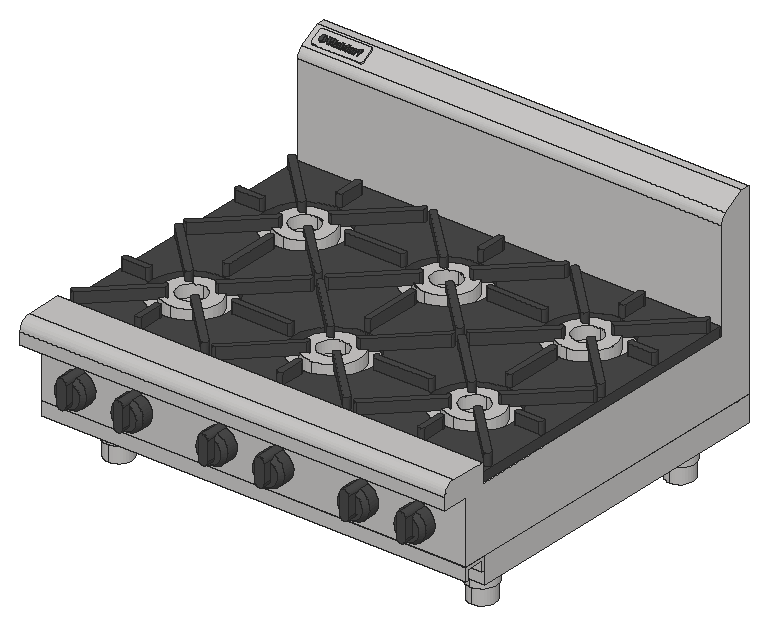
Revit family "QF_MOFFAT WALDORF_RN8600G-B", category Specialty Equipment, Revit 2012
Parameters
  Weight in Pounds = 284.396
  URL Cutsheet = "www.moffat.com"
  URL = "www.moffat.com"
  Type Mark [instance] = ""
  Status [instance] = ""
  Specification by User [instance] = ""
  Specification by Manufacturer = ""
  Show Logo [instance] = yes
  Serial Number = ""
  Seismic Rating = ""
  SMACNA No = ""
  Revision Code [instance] = ""
  Omniclass Number and Title = ""
  NAFEM Spec ID Number = ""
  Model = "RN8600G-B"
  Mechanical Remarks [instance] = ""
  Mechanical Connection Type [instance] = ""
  Masterspec = ""
  Manufacturer = "MOFFAT WALDORF"
  Item Number [instance] = ""
  Installed By [instance] = ""
  Identify Quantity as Lot [instance] = yes
  Gas Size = 3/4"
  Gas RI Height [instance] = 0.0 mm
  Gas KW [instance] = 46.6
  Gas Input [instance] = 159233.0 Btu/h
  Gas Connection Height = 0.0 mm
  Furnished By [instance] = ""
  Foodservice Equipment Identifier [instance] = yes
  Description = "COOK TOP GAS BENCH MOUNT"
  CSI MasterFormat = ""
  CSI Master Format = ""
  Base Height [instance] = 80.0 mm
Reference planes
  plane 1 "BACK": y = 0
  plane 2: z = 0
  plane 3 "LEFT": x = 0
  plane 4 "RIGHT": x = 900
  plane 5 "FRONT": y = -805
  plane 6 "TOP": z = 530
  plane 7 "Center Y": x = 450
  plane 8 "Center X": y = -402.5
  plane 9 "Base Height": z = 80
  plane 10: x = 65.8
Forms (mm)
  Extrusion 1, solid, material "QF_Finishes_Stainless Steel"
    sketch origin (0, 0, 0) x (0, 1, 0) y (0, 0, 1)
      loop
        line (-805, 291) -> (-805, 266) -> (-749, 266) -> (-749, 135) -> (0, 135) -> (0, 530) -> (-16.5, 530) -> (-58.709, 505.631)
        arc (-58.709, 505.631) -> (-66.975, 497.365) -> (-70, 486.074) r 22.582
        line (-70, 486.074) -> (-70, 275) -> (-705, 275) -> (-705, 315) -> (-781, 315)
        arc (-781, 315) -> (-797.971, 307.971) -> (-805, 291) r 24
      loop
        line (0, 80) -> (0, 134.206) -> (-699, 134.206) -> (-699, 80) -> (0, 80)
      loop
        line (-749, 134.206) -> (-749, 107.019) -> (-742.6, 107.019) -> (-742.6, 127.806) -> (-706.4, 127.806) -> (-706.4, 107.019) -> (-700, 107.019) -> (-700, 134.206) -> (-749, 134.206)
    from 0 to 900
  Revolve 2, solid, material "QF_Finishes_Stainless Steel"
    sketch origin (835, -210, 0) x (0, 1, 0) y (0, 0, -1)
      loop
        line (78.25, -80) -> (110, -80) -> (110, 0) -> (82.5, 0) -> (82.5, -35) -> (78.25, -35) -> (78.25, -80)
      axis (110, -80) -> (110, 0)
    angle from 0 to 360
  Revolve 3, solid, material "QF_Finishes_Stainless Steel"
    sketch origin (65, -210, 0) x (0, 1, 0) y (0, 0, 1)
      loop
        line (78.25, 80) -> (78.25, 35) -> (82.5, 35) -> (82.5, 0) -> (110, 0) -> (110, 80) -> (78.25, 80)
      axis (110, 80) -> (110, 0)
    angle from 0 to 360
  Revolve 4, solid, material "QF_Finishes_Black"
    sketch origin (210, 0, 0) x (0, -1, 0) y (0, 0, 1)
      loop
        line (782, 229.605) -> (759, 229.605) -> (759, 202.105) -> (749, 202.105) -> (749, 197.105) -> (793, 197.105) -> (793, 223.757) -> (782, 229.605)
      axis (793, 197.105) -> (749, 197.105)
    angle from 0 to 360
  Extrusion 5, solid, material "QF_Finishes_Black"
    sketch origin (-78.431, 0, -103.997) x (1, 0, 0) y (0, 0, 1)
      loop
        line (298.431, 289) -> (298.431, 327.997)
        arc (298.431, 327.997) -> (288.431, 337.997) -> (278.431, 327.997) r 10
        line (278.431, 327.997) -> (278.431, 289)
        arc (278.431, 289) -> (288.431, 279) -> (298.431, 289) r 10
    from 759 to 808
  Extrusion 6, solid, material "QF_Finishes_Stainless Steel"
    sketch origin (705, 3, -500) x (1, 0, 0) y (0, 1, 0)
      loop
        circle (65, -35) r 13.5
    from 555 to 580
  Revolve 7, solid, material "QF_Finishes_Black"
    sketch origin (89.999, 0, -0.127) x (0, 1, 0) y (0, 0, -1)
      loop
        line (-782, -229.5) -> (-759, -229.5) -> (-759, -202) -> (-749, -202) -> (-749, -197) -> (-793, -197) -> (-793, -223.651) -> (-782, -229.5)
      axis (-793, -197) -> (-749, -197)
    angle from 0 to 360
  Extrusion 8, solid, material "QF_Finishes_Black"
    sketch origin (228.269, 0, 0.031) x (-1, 0, 0) y (0, 0, -1)
      loop
        arc (148.269, -184.969) -> (138.269, -174.969) -> (128.269, -184.969) r 10
        line (128.269, -184.969) -> (128.269, -223.969)
        arc (128.269, -223.969) -> (138.269, -233.969) -> (148.269, -223.969) r 10
        line (148.269, -223.969) -> (148.269, -184.969)
    from 759 to 808
  Extrusion 9, solid, material "QF_Finishes_Black"
    sketch origin (0, -70, 275) x (0, -1, 0) y (1, 0, 0)
      loop
        arc (1, 4) -> (1.879, 1.879) -> (4, 1) r 3
        line (4, 1) -> (631, 1)
        arc (631, 1) -> (633.121, 1.879) -> (634, 4) r 3
        line (634, 4) -> (634, 896)
        arc (634, 896) -> (633.121, 898.121) -> (631, 899) r 3
        line (631, 899) -> (4, 899)
        arc (4, 899) -> (1.879, 898.121) -> (1, 896) r 3
        line (1, 896) -> (1, 4)
      loop
        circle (167.5, 150) r 84.082
      loop
        circle (467.5, 150) r 84.082
      loop
        circle (467.5, 750) r 84.082
      loop
        circle (167.5, 750) r 84.082
      loop
        circle (167.5, 450) r 84.082
      loop
        circle (467.5, 450) r 84.082
    from 0 to 19.5
  Extrusion 10, solid, material "QF_Finishes_Black"
    sketch origin (0, -70, 294.5) x (0, -1, 0) y (1, 0, 0)
      loop
        spline (323.602, 15.153) -> (322.681, 13.924) -> (322.131, 12.47) -> (321.99, 10.89) -> (322.267, 9.292) -> (322.943, 7.786) -> (323.973, 6.473) -> (325.286, 5.443) -> (326.792, 4.767) -> (328.39, 4.49) -> (329.97, 4.631) -> (331.424, 5.181) -> (332.653, 6.102)
        line (332.653, 6.102) -> (440.576, 114.025)
        spline (440.576, 114.025) -> (441.337, 115.095) -> (441.738, 116.399) -> (441.751, 117.851) -> (441.375, 119.35) -> (440.637, 120.795) -> (439.586, 122.086) -> (438.295, 123.137) -> (436.85, 123.875) -> (435.351, 124.251) -> (433.899, 124.238) -> (432.595, 123.837) -> (431.525, 123.076)
        line (431.525, 123.076) -> (323.602, 15.153)
      loop
        spline (259.398, 156.4) -> (258.104, 156.182) -> (256.898, 155.543) -> (255.862, 154.525) -> (255.068, 153.2) -> (254.568, 151.656) -> (254.398, 150) -> (254.568, 148.344) -> (255.068, 146.8) -> (255.862, 145.475) -> (256.898, 144.457) -> (258.104, 143.818) -> (259.398, 143.6)
        line (259.398, 143.6) -> (375.602, 143.6)
        spline (375.602, 143.6) -> (376.896, 143.818) -> (378.102, 144.457) -> (379.138, 145.475) -> (379.932, 146.8) -> (380.432, 148.344) -> (380.602, 150) -> (380.432, 151.656) -> (379.932, 153.2) -> (379.138, 154.525) -> (378.102, 155.543) -> (376.896, 156.182) -> (375.602, 156.4)
        line (375.602, 156.4) -> (259.398, 156.4)
      loop
        spline (608.602, 143.6) -> (609.896, 143.818) -> (611.102, 144.457) -> (612.138, 145.475) -> (612.932, 146.8) -> (613.432, 148.344) -> (613.602, 150) -> (613.432, 151.656) -> (612.932, 153.2) -> (612.138, 154.525) -> (611.102, 155.543) -> (609.896, 156.182) -> (608.602, 156.4)
        line (608.602, 156.4) -> (559.398, 156.4)
        spline (559.398, 156.4) -> (558.104, 156.182) -> (556.898, 155.543) -> (555.862, 154.525) -> (555.068, 153.2) -> (554.568, 151.656) -> (554.398, 150) -> (554.568, 148.344) -> (555.068, 146.8) -> (555.862, 145.475) -> (556.898, 144.457) -> (558.104, 143.818) -> (559.398, 143.6)
        line (559.398, 143.6) -> (608.602, 143.6)
      loop
        line (611.398, 15.153) -> (503.475, 123.076)
        spline (503.475, 123.076) -> (502.405, 123.837) -> (501.101, 124.238) -> (499.649, 124.251) -> (498.15, 123.875) -> (496.705, 123.137) -> (495.414, 122.086) -> (494.363, 120.795) -> (493.625, 119.35) -> (493.249, 117.851) -> (493.262, 116.399) -> (493.663, 115.095) -> (494.424, 114.025)
        line (494.424, 114.025) -> (602.347, 6.102)
        spline (602.347, 6.102) -> (603.416, 5.341) -> (604.721, 4.941) -> (606.172, 4.928) -> (607.671, 5.303) -> (609.116, 6.041) -> (610.408, 7.092) -> (611.459, 8.384) -> (612.197, 9.829) -> (612.572, 11.328) -> (612.559, 12.779) -> (612.159, 14.084) -> (611.398, 15.153)
      loop
        line (473.9, 8.898) -> (473.9, 58.102)
        spline (473.9, 58.102) -> (473.682, 59.396) -> (473.043, 60.602) -> (472.025, 61.638) -> (470.7, 62.432) -> (469.156, 62.932) -> (467.5, 63.102) -> (465.844, 62.932) -> (464.3, 62.432) -> (462.975, 61.638) -> (461.957, 60.602) -> (461.318, 59.396) -> (461.1, 58.102)
        line (461.1, 58.102) -> (461.1, 8.898)
        spline (461.1, 8.898) -> (461.318, 7.604) -> (461.957, 6.398) -> (462.975, 5.362) -> (464.3, 4.568) -> (465.844, 4.068) -> (467.5, 3.898) -> (469.156, 4.068) -> (470.7, 4.568) -> (472.025, 5.362) -> (473.043, 6.398) -> (473.682, 7.604) -> (473.9, 8.898)
      loop
        spline (23.602, 15.153) -> (22.681, 13.924) -> (22.131, 12.47) -> (21.99, 10.89) -> (22.267, 9.292) -> (22.943, 7.786) -> (23.973, 6.473) -> (25.286, 5.443) -> (26.792, 4.767) -> (28.39, 4.49) -> (29.97, 4.631) -> (31.424, 5.181) -> (32.653, 6.102)
        line (32.653, 6.102) -> (140.576, 114.025)
        spline (140.576, 114.025) -> (141.337, 115.095) -> (141.738, 116.399) -> (141.751, 117.851) -> (141.375, 119.35) -> (140.637, 120.795) -> (139.586, 122.086) -> (138.295, 123.137) -> (136.85, 123.875) -> (135.351, 124.251) -> (133.899, 124.238) -> (132.595, 123.837) -> (131.525, 123.076)
        line (131.525, 123.076) -> (23.602, 15.153)
      loop
        spline (26.398, 156.4) -> (25.104, 156.182) -> (23.898, 155.543) -> (22.862, 154.525) -> (22.068, 153.2) -> (21.568, 151.656) -> (21.398, 150) -> (21.568, 148.344) -> (22.068, 146.8) -> (22.862, 145.475) -> (23.898, 144.457) -> (25.104, 143.818) -> (26.398, 143.6)
        line (26.398, 143.6) -> (75.602, 143.6)
        spline (75.602, 143.6) -> (76.896, 143.818) -> (78.102, 144.457) -> (79.138, 145.475) -> (79.932, 146.8) -> (80.432, 148.344) -> (80.602, 150) -> (80.432, 151.656) -> (79.932, 153.2) -> (79.138, 154.525) -> (78.102, 155.543) -> (76.896, 156.182) -> (75.602, 156.4)
        line (75.602, 156.4) -> (26.398, 156.4)
      loop
        line (311.398, 15.153) -> (203.475, 123.076)
        spline (203.475, 123.076) -> (202.405, 123.837) -> (201.101, 124.238) -> (199.649, 124.251) -> (198.15, 123.875) -> (196.705, 123.137) -> (195.414, 122.086) -> (194.363, 120.795) -> (193.625, 119.35) -> (193.249, 117.851) -> (193.262, 116.399) -> (193.663, 115.095) -> (194.424, 114.025)
        line (194.424, 114.025) -> (302.347, 6.102)
        spline (302.347, 6.102) -> (303.416, 5.341) -> (304.721, 4.941) -> (306.172, 4.928) -> (307.671, 5.303) -> (309.116, 6.041) -> (310.408, 7.092) -> (311.459, 8.384) -> (312.197, 9.829) -> (312.572, 11.328) -> (312.559, 12.779) -> (312.159, 14.084) -> (311.398, 15.153)
      loop
        line (173.9, 8.898) -> (173.9, 58.102)
        spline (173.9, 58.102) -> (173.682, 59.396) -> (173.043, 60.602) -> (172.025, 61.638) -> (170.7, 62.432) -> (169.156, 62.932) -> (167.5, 63.102) -> (165.844, 62.932) -> (164.3, 62.432) -> (162.975, 61.638) -> (161.957, 60.602) -> (161.318, 59.396) -> (161.1, 58.102)
        line (161.1, 58.102) -> (161.1, 8.898)
        spline (161.1, 8.898) -> (161.318, 7.604) -> (161.957, 6.398) -> (162.975, 5.362) -> (164.3, 4.568) -> (165.844, 4.068) -> (167.5, 3.898) -> (169.156, 4.068) -> (170.7, 4.568) -> (172.025, 5.362) -> (173.043, 6.398) -> (173.682, 7.604) -> (173.9, 8.898)
      loop
        line (323.602, 284.847) -> (431.525, 176.924)
        spline (431.525, 176.924) -> (432.595, 176.163) -> (433.899, 175.762) -> (435.351, 175.749) -> (436.85, 176.125) -> (438.295, 176.863) -> (439.586, 177.914) -> (440.637, 179.205) -> (441.375, 180.65) -> (441.751, 182.149) -> (441.738, 183.601) -> (441.337, 184.905) -> (440.576, 185.975)
        line (440.576, 185.975) -> (332.653, 293.898)
        spline (332.653, 293.898) -> (331.424, 294.819) -> (329.97, 295.369) -> (328.39, 295.51) -> (326.792, 295.233) -> (325.286, 294.557) -> (323.973, 293.527) -> (322.943, 292.214) -> (322.267, 290.708) -> (321.99, 289.11) -> (322.131, 287.53) -> (322.681, 286.076) -> (323.602, 284.847)
      loop
        spline (611.398, 284.847) -> (612.159, 285.916) -> (612.559, 287.221) -> (612.572, 288.672) -> (612.197, 290.171) -> (611.459, 291.616) -> (610.408, 292.908) -> (609.116, 293.959) -> (607.671, 294.697) -> (606.172, 295.072) -> (604.721, 295.059) -> (603.416, 294.659) -> (602.347, 293.898)
        line (602.347, 293.898) -> (494.424, 185.975)
        spline (494.424, 185.975) -> (493.663, 184.905) -> (493.262, 183.601) -> (493.249, 182.149) -> (493.625, 180.65) -> (494.363, 179.205) -> (495.414, 177.914) -> (496.705, 176.863) -> (498.15, 176.125) -> (499.649, 175.749) -> (501.101, 175.762) -> (502.405, 176.163) -> (503.475, 176.924)
        line (503.475, 176.924) -> (611.398, 284.847)
      loop
        spline (461.1, 241.898) -> (461.318, 240.604) -> (461.957, 239.398) -> (462.975, 238.362) -> (464.3, 237.568) -> (465.844, 237.068) -> (467.5, 236.898) -> (469.156, 237.068) -> (470.7, 237.568) -> (472.025, 238.362) -> (473.043, 239.398) -> (473.682, 240.604) -> (473.9, 241.898)
        line (473.9, 241.898) -> (473.9, 358.102)
        spline (473.9, 358.102) -> (473.682, 359.396) -> (473.043, 360.602) -> (472.025, 361.638) -> (470.7, 362.432) -> (469.156, 362.932) -> (467.5, 363.102) -> (465.844, 362.932) -> (464.3, 362.432) -> (462.975, 361.638) -> (461.957, 360.602) -> (461.318, 359.396) -> (461.1, 358.102)
        line (461.1, 358.102) -> (461.1, 241.898)
      loop
        line (23.602, 284.847) -> (131.525, 176.924)
        spline (131.525, 176.924) -> (132.595, 176.163) -> (133.899, 175.762) -> (135.351, 175.749) -> (136.85, 176.125) -> (138.295, 176.863) -> (139.586, 177.914) -> (140.637, 179.205) -> (141.375, 180.65) -> (141.751, 182.149) -> (141.738, 183.601) -> (141.337, 184.905) -> (140.576, 185.975)
        line (140.576, 185.975) -> (32.653, 293.898)
        spline (32.653, 293.898) -> (31.424, 294.819) -> (29.97, 295.369) -> (28.39, 295.51) -> (26.792, 295.233) -> (25.286, 294.557) -> (23.973, 293.527) -> (22.943, 292.214) -> (22.267, 290.708) -> (21.99, 289.11) -> (22.131, 287.53) -> (22.681, 286.076) -> (23.602, 284.847)
      loop
        spline (311.398, 284.847) -> (312.159, 285.916) -> (312.559, 287.221) -> (312.572, 288.672) -> (312.197, 290.171) -> (311.459, 291.616) -> (310.408, 292.908) -> (309.116, 293.959) -> (307.671, 294.697) -> (306.172, 295.072) -> (304.721, 295.059) -> (303.416, 294.659) -> (302.347, 293.898)
        line (302.347, 293.898) -> (194.424, 185.975)
        spline (194.424, 185.975) -> (193.663, 184.905) -> (193.262, 183.601) -> (193.249, 182.149) -> (193.625, 180.65) -> (194.363, 179.205) -> (195.414, 177.914) -> (196.705, 176.863) -> (198.15, 176.125) -> (199.649, 175.749) -> (201.101, 175.762) -> (202.405, 176.163) -> (203.475, 176.924)
        line (203.475, 176.924) -> (311.398, 284.847)
      loop
        spline (173.9, 358.102) -> (173.682, 359.396) -> (173.043, 360.602) -> (172.025, 361.638) -> (170.7, 362.432) -> (169.156, 362.932) -> (167.5, 363.102) -> (165.844, 362.932) -> (164.3, 362.432) -> (162.975, 361.638) -> (161.957, 360.602) -> (161.318, 359.396) -> (161.1, 358.102)
        line (161.1, 358.102) -> (161.1, 241.898)
        spline (161.1, 241.898) -> (161.318, 240.604) -> (161.957, 239.398) -> (162.975, 238.362) -> (164.3, 237.568) -> (165.844, 237.068) -> (167.5, 236.898) -> (169.156, 237.068) -> (170.7, 237.568) -> (172.025, 238.362) -> (173.043, 239.398) -> (173.682, 240.604) -> (173.9, 241.898)
        line (173.9, 241.898) -> (173.9, 358.102)
      loop
        spline (323.602, 315.153) -> (322.681, 313.924) -> (322.131, 312.47) -> (321.99, 310.89) -> (322.267, 309.292) -> (322.943, 307.786) -> (323.973, 306.473) -> (325.286, 305.443) -> (326.792, 304.767) -> (328.39, 304.49) -> (329.97, 304.631) -> (331.424, 305.181) -> (332.653, 306.102)
        line (332.653, 306.102) -> (440.576, 414.025)
        spline (440.576, 414.025) -> (441.337, 415.095) -> (441.738, 416.399) -> (441.751, 417.851) -> (441.375, 419.35) -> (440.637, 420.795) -> (439.586, 422.086) -> (438.295, 423.137) -> (436.85, 423.875) -> (435.351, 424.251) -> (433.899, 424.238) -> (432.595, 423.837) -> (431.525, 423.076)
        line (431.525, 423.076) -> (323.602, 315.153)
      loop
        spline (259.398, 456.4) -> (258.104, 456.182) -> (256.898, 455.543) -> (255.862, 454.525) -> (255.068, 453.2) -> (254.568, 451.656) -> (254.398, 450) -> (254.568, 448.344) -> (255.068, 446.8) -> (255.862, 445.475) -> (256.898, 444.457) -> (258.104, 443.818) -> (259.398, 443.6)
        line (259.398, 443.6) -> (375.602, 443.6)
        spline (375.602, 443.6) -> (376.896, 443.818) -> (378.102, 444.457) -> (379.138, 445.475) -> (379.932, 446.8) -> (380.432, 448.344) -> (380.602, 450) -> (380.432, 451.656) -> (379.932, 453.2) -> (379.138, 454.525) -> (378.102, 455.543) -> (376.896, 456.182) -> (375.602, 456.4)
        line (375.602, 456.4) -> (259.398, 456.4)
      loop
        spline (608.602, 443.6) -> (609.896, 443.818) -> (611.102, 444.457) -> (612.138, 445.475) -> (612.932, 446.8) -> (613.432, 448.344) -> (613.602, 450) -> (613.432, 451.656) -> (612.932, 453.2) -> (612.138, 454.525) -> (611.102, 455.543) -> (609.896, 456.182) -> (608.602, 456.4)
        line (608.602, 456.4) -> (559.398, 456.4)
        spline (559.398, 456.4) -> (558.104, 456.182) -> (556.898, 455.543) -> (555.862, 454.525) -> (555.068, 453.2) -> (554.568, 451.656) -> (554.398, 450) -> (554.568, 448.344) -> (555.068, 446.8) -> (555.862, 445.475) -> (556.898, 444.457) -> (558.104, 443.818) -> (559.398, 443.6)
        line (559.398, 443.6) -> (608.602, 443.6)
      loop
        line (611.398, 315.153) -> (503.475, 423.076)
        spline (503.475, 423.076) -> (502.405, 423.837) -> (501.101, 424.238) -> (499.649, 424.251) -> (498.15, 423.875) -> (496.705, 423.137) -> (495.414, 422.086) -> (494.363, 420.795) -> (493.625, 419.35) -> (493.249, 417.851) -> (493.262, 416.399) -> (493.663, 415.095) -> (494.424, 414.025)
        line (494.424, 414.025) -> (602.347, 306.102)
        spline (602.347, 306.102) -> (603.416, 305.341) -> (604.721, 304.941) -> (606.172, 304.928) -> (607.671, 305.303) -> (609.116, 306.041) -> (610.408, 307.092) -> (611.459, 308.384) -> (612.197, 309.829) -> (612.572, 311.328) -> (612.559, 312.779) -> (612.159, 314.084) -> (611.398, 315.153)
      loop
        spline (23.602, 315.153) -> (22.681, 313.924) -> (22.131, 312.47) -> (21.99, 310.89) -> (22.267, 309.292) -> (22.943, 307.786) -> (23.973, 306.473) -> (25.286, 305.443) -> (26.792, 304.767) -> (28.39, 304.49) -> (29.97, 304.631) -> (31.424, 305.181) -> (32.653, 306.102)
        line (32.653, 306.102) -> (140.576, 414.025)
        spline (140.576, 414.025) -> (141.337, 415.095) -> (141.738, 416.399) -> (141.751, 417.851) -> (141.375, 419.35) -> (140.637, 420.795) -> (139.586, 422.086) -> (138.295, 423.137) -> (136.85, 423.875) -> (135.351, 424.251) -> (133.899, 424.238) -> (132.595, 423.837) -> (131.525, 423.076)
        line (131.525, 423.076) -> (23.602, 315.153)
      loop
        spline (26.398, 456.4) -> (25.104, 456.182) -> (23.898, 455.543) -> (22.862, 454.525) -> (22.068, 453.2) -> (21.568, 451.656) -> (21.398, 450) -> (21.568, 448.344) -> (22.068, 446.8) -> (22.862, 445.475) -> (23.898, 444.457) -> (25.104, 443.818) -> (26.398, 443.6)
        line (26.398, 443.6) -> (75.602, 443.6)
        spline (75.602, 443.6) -> (76.896, 443.818) -> (78.102, 444.457) -> (79.138, 445.475) -> (79.932, 446.8) -> (80.432, 448.344) -> (80.602, 450) -> (80.432, 451.656) -> (79.932, 453.2) -> (79.138, 454.525) -> (78.102, 455.543) -> (76.896, 456.182) -> (75.602, 456.4)
        line (75.602, 456.4) -> (26.398, 456.4)
      loop
        line (311.398, 315.153) -> (203.475, 423.076)
        spline (203.475, 423.076) -> (202.405, 423.837) -> (201.101, 424.238) -> (199.649, 424.251) -> (198.15, 423.875) -> (196.705, 423.137) -> (195.414, 422.086) -> (194.363, 420.795) -> (193.625, 419.35) -> (193.249, 417.851) -> (193.262, 416.399) -> (193.663, 415.095) -> (194.424, 414.025)
        line (194.424, 414.025) -> (302.347, 306.102)
        spline (302.347, 306.102) -> (303.416, 305.341) -> (304.721, 304.941) -> (306.172, 304.928) -> (307.671, 305.303) -> (309.116, 306.041) -> (310.408, 307.092) -> (311.459, 308.384) -> (312.197, 309.829) -> (312.572, 311.328) -> (312.559, 312.779) -> (312.159, 314.084) -> (311.398, 315.153)
      loop
        line (323.602, 584.847) -> (431.525, 476.924)
        spline (431.525, 476.924) -> (432.595, 476.163) -> (433.899, 475.762) -> (435.351, 475.749) -> (436.85, 476.125) -> (438.295, 476.863) -> (439.586, 477.914) -> (440.637, 479.205) -> (441.375, 480.65) -> (441.751, 482.149) -> (441.738, 483.601) -> (441.337, 484.905) -> (440.576, 485.975)
        line (440.576, 485.975) -> (332.653, 593.898)
        spline (332.653, 593.898) -> (331.424, 594.819) -> (329.97, 595.369) -> (328.39, 595.51) -> (326.792, 595.233) -> (325.286, 594.557) -> (323.973, 593.527) -> (322.943, 592.214) -> (322.267, 590.708) -> (321.99, 589.11) -> (322.131, 587.53) -> (322.681, 586.076) -> (323.602, 584.847)
      loop
        spline (611.398, 584.847) -> (612.159, 585.916) -> (612.559, 587.221) -> (612.572, 588.672) -> (612.197, 590.171) -> (611.459, 591.616) -> (610.408, 592.908) -> (609.116, 593.959) -> (607.671, 594.697) -> (606.172, 595.072) -> (604.721, 595.059) -> (603.416, 594.659) -> (602.347, 593.898)
        line (602.347, 593.898) -> (494.424, 485.975)
        spline (494.424, 485.975) -> (493.663, 484.905) -> (493.262, 483.601) -> (493.249, 482.149) -> (493.625, 480.65) -> (494.363, 479.205) -> (495.414, 477.914) -> (496.705, 476.863) -> (498.15, 476.125) -> (499.649, 475.749) -> (501.101, 475.762) -> (502.405, 476.163) -> (503.475, 476.924)
        line (503.475, 476.924) -> (611.398, 584.847)
      loop
        spline (473.9, 658.102) -> (473.682, 659.396) -> (473.043, 660.602) -> (472.025, 661.638) -> (470.7, 662.432) -> (469.156, 662.932) -> (467.5, 663.102) -> (465.844, 662.932) -> (464.3, 662.432) -> (462.975, 661.638) -> (461.957, 660.602) -> (461.318, 659.396) -> (461.1, 658.102)
        line (461.1, 658.102) -> (461.1, 541.898)
        spline (461.1, 541.898) -> (461.318, 540.604) -> (461.957, 539.398) -> (462.975, 538.362) -> (464.3, 537.568) -> (465.844, 537.068) -> (467.5, 536.898) -> (469.156, 537.068) -> (470.7, 537.568) -> (472.025, 538.362) -> (473.043, 539.398) -> (473.682, 540.604) -> (473.9, 541.898)
        line (473.9, 541.898) -> (473.9, 658.102)
      loop
        line (23.602, 584.847) -> (131.525, 476.924)
        spline (131.525, 476.924) -> (132.595, 476.163) -> (133.899, 475.762) -> (135.351, 475.749) -> (136.85, 476.125) -> (138.295, 476.863) -> (139.586, 477.914) -> (140.637, 479.205) -> (141.375, 480.65) -> (141.751, 482.149) -> (141.738, 483.601) -> (141.337, 484.905) -> (140.576, 485.975)
        line (140.576, 485.975) -> (32.653, 593.898)
        spline (32.653, 593.898) -> (31.424, 594.819) -> (29.97, 595.369) -> (28.39, 595.51) -> (26.792, 595.233) -> (25.286, 594.557) -> (23.973, 593.527) -> (22.943, 592.214) -> (22.267, 590.708) -> (21.99, 589.11) -> (22.131, 587.53) -> (22.681, 586.076) -> (23.602, 584.847)
      loop
        spline (311.398, 584.847) -> (312.159, 585.916) -> (312.559, 587.221) -> (312.572, 588.672) -> (312.197, 590.171) -> (311.459, 591.616) -> (310.408, 592.908) -> (309.116, 593.959) -> (307.671, 594.697) -> (306.172, 595.072) -> (304.721, 595.059) -> (303.416, 594.659) -> (302.347, 593.898)
        line (302.347, 593.898) -> (194.424, 485.975)
        spline (194.424, 485.975) -> (193.663, 484.905) -> (193.262, 483.601) -> (193.249, 482.149) -> (193.625, 480.65) -> (194.363, 479.205) -> (195.414, 477.914) -> (196.705, 476.863) -> (198.15, 476.125) -> (199.649, 475.749) -> (201.101, 475.762) -> (202.405, 476.163) -> (203.475, 476.924)
        line (203.475, 476.924) -> (311.398, 584.847)
      loop
        spline (173.9, 658.102) -> (173.682, 659.396) -> (173.043, 660.602) -> (172.025, 661.638) -> (170.7, 662.432) -> (169.156, 662.932) -> (167.5, 663.102) -> (165.844, 662.932) -> (164.3, 662.432) -> (162.975, 661.638) -> (161.957, 660.602) -> (161.318, 659.396) -> (161.1, 658.102)
        line (161.1, 658.102) -> (161.1, 541.898)
        spline (161.1, 541.898) -> (161.318, 540.604) -> (161.957, 539.398) -> (162.975, 538.362) -> (164.3, 537.568) -> (165.844, 537.068) -> (167.5, 536.898) -> (169.156, 537.068) -> (170.7, 537.568) -> (172.025, 538.362) -> (173.043, 539.398) -> (173.682, 540.604) -> (173.9, 541.898)
        line (173.9, 541.898) -> (173.9, 658.102)
      loop
        spline (323.602, 615.153) -> (322.681, 613.924) -> (322.131, 612.47) -> (321.99, 610.89) -> (322.267, 609.292) -> (322.943, 607.786) -> (323.973, 606.473) -> (325.286, 605.443) -> (326.792, 604.767) -> (328.39, 604.49) -> (329.97, 604.631) -> (331.424, 605.181) -> (332.653, 606.102)
        line (332.653, 606.102) -> (440.576, 714.025)
        spline (440.576, 714.025) -> (441.337, 715.095) -> (441.738, 716.399) -> (441.751, 717.851) -> (441.375, 719.35) -> (440.637, 720.795) -> (439.586, 722.086) -> (438.295, 723.137) -> (436.85, 723.875) -> (435.351, 724.251) -> (433.899, 724.238) -> (432.595, 723.837) -> (431.525, 723.076)
        line (431.525, 723.076) -> (323.602, 615.153)
      loop
        spline (259.398, 756.4) -> (258.104, 756.182) -> (256.898, 755.543) -> (255.862, 754.525) -> (255.068, 753.2) -> (254.568, 751.656) -> (254.398, 750) -> (254.568, 748.344) -> (255.068, 746.8) -> (255.862, 745.475) -> (256.898, 744.457) -> (258.104, 743.818) -> (259.398, 743.6)
        line (259.398, 743.6) -> (375.602, 743.6)
        spline (375.602, 743.6) -> (376.896, 743.818) -> (378.102, 744.457) -> (379.138, 745.475) -> (379.932, 746.8) -> (380.432, 748.344) -> (380.602, 750) -> (380.432, 751.656) -> (379.932, 753.2) -> (379.138, 754.525) -> (378.102, 755.543) -> (376.896, 756.182) -> (375.602, 756.4)
        line (375.602, 756.4) -> (259.398, 756.4)
      loop
        spline (608.602, 743.6) -> (609.896, 743.818) -> (611.102, 744.457) -> (612.138, 745.475) -> (612.932, 746.8) -> (613.432, 748.344) -> (613.602, 750) -> (613.432, 751.656) -> (612.932, 753.2) -> (612.138, 754.525) -> (611.102, 755.543) -> (609.896, 756.182) -> (608.602, 756.4)
        line (608.602, 756.4) -> (559.398, 756.4)
        spline (559.398, 756.4) -> (558.104, 756.182) -> (556.898, 755.543) -> (555.862, 754.525) -> (555.068, 753.2) -> (554.568, 751.656) -> (554.398, 750) -> (554.568, 748.344) -> (555.068, 746.8) -> (555.862, 745.475) -> (556.898, 744.457) -> (558.104, 743.818) -> (559.398, 743.6)
        line (559.398, 743.6) -> (608.602, 743.6)
      loop
        line (611.398, 615.153) -> (503.475, 723.076)
        spline (503.475, 723.076) -> (502.405, 723.837) -> (501.101, 724.238) -> (499.649, 724.251) -> (498.15, 723.875) -> (496.705, 723.137) -> (495.414, 722.086) -> (494.363, 720.795) -> (493.625, 719.35) -> (493.249, 717.851) -> (493.262, 716.399) -> (493.663, 715.095) -> (494.424, 714.025)
        line (494.424, 714.025) -> (602.347, 606.102)
        spline (602.347, 606.102) -> (603.416, 605.341) -> (604.721, 604.941) -> (606.172, 604.928) -> (607.671, 605.303) -> (609.116, 606.041) -> (610.408, 607.092) -> (611.459, 608.384) -> (612.197, 609.829) -> (612.572, 611.328) -> (612.559, 612.779) -> (612.159, 614.084) -> (611.398, 615.153)
      loop
        spline (23.602, 615.153) -> (22.681, 613.924) -> (22.131, 612.47) -> (21.99, 610.89) -> (22.267, 609.292) -> (22.943, 607.786) -> (23.973, 606.473) -> (25.286, 605.443) -> (26.792, 604.767) -> (28.39, 604.49) -> (29.97, 604.631) -> (31.424, 605.181) -> (32.653, 606.102)
        line (32.653, 606.102) -> (140.576, 714.025)
        spline (140.576, 714.025) -> (141.337, 715.095) -> (141.738, 716.399) -> (141.751, 717.851) -> (141.375, 719.35) -> (140.637, 720.795) -> (139.586, 722.086) -> (138.295, 723.137) -> (136.85, 723.875) -> (135.351, 724.251) -> (133.899, 724.238) -> (132.595, 723.837) -> (131.525, 723.076)
        line (131.525, 723.076) -> (23.602, 615.153)
      loop
        spline (26.398, 756.4) -> (25.104, 756.182) -> (23.898, 755.543) -> (22.862, 754.525) -> (22.068, 753.2) -> (21.568, 751.656) -> (21.398, 750) -> (21.568, 748.344) -> (22.068, 746.8) -> (22.862, 745.475) -> (23.898, 744.457) -> (25.104, 743.818) -> (26.398, 743.6)
        line (26.398, 743.6) -> (75.602, 743.6)
        spline (75.602, 743.6) -> (76.896, 743.818) -> (78.102, 744.457) -> (79.138, 745.475) -> (79.932, 746.8) -> (80.432, 748.344) -> (80.602, 750) -> (80.432, 751.656) -> (79.932, 753.2) -> (79.138, 754.525) -> (78.102, 755.543) -> (76.896, 756.182) -> (75.602, 756.4)
        line (75.602, 756.4) -> (26.398, 756.4)
      loop
        line (311.398, 615.153) -> (203.475, 723.076)
        spline (203.475, 723.076) -> (202.405, 723.837) -> (201.101, 724.238) -> (199.649, 724.251) -> (198.15, 723.875) -> (196.705, 723.137) -> (195.414, 722.086) -> (194.363, 720.795) -> (193.625, 719.35) -> (193.249, 717.851) -> (193.262, 716.399) -> (193.663, 715.095) -> (194.424, 714.025)
        line (194.424, 714.025) -> (302.347, 606.102)
        spline (302.347, 606.102) -> (303.416, 605.341) -> (304.721, 604.941) -> (306.172, 604.928) -> (307.671, 605.303) -> (309.116, 606.041) -> (310.408, 607.092) -> (311.459, 608.384) -> (312.197, 609.829) -> (312.572, 611.328) -> (312.559, 612.779) -> (312.159, 614.084) -> (311.398, 615.153)
      loop
        line (323.602, 884.847) -> (431.525, 776.924)
        spline (431.525, 776.924) -> (432.595, 776.163) -> (433.899, 775.762) -> (435.351, 775.749) -> (436.85, 776.125) -> (438.295, 776.863) -> (439.586, 777.914) -> (440.637, 779.205) -> (441.375, 780.65) -> (441.751, 782.149) -> (441.738, 783.601) -> (441.337, 784.905) -> (440.576, 785.975)
        line (440.576, 785.975) -> (332.653, 893.898)
        spline (332.653, 893.898) -> (331.424, 894.819) -> (329.97, 895.369) -> (328.39, 895.51) -> (326.792, 895.233) -> (325.286, 894.557) -> (323.973, 893.527) -> (322.943, 892.214) -> (322.267, 890.708) -> (321.99, 889.11) -> (322.131, 887.53) -> (322.681, 886.076) -> (323.602, 884.847)
      loop
        spline (611.398, 884.847) -> (612.159, 885.916) -> (612.559, 887.221) -> (612.572, 888.672) -> (612.197, 890.171) -> (611.459, 891.616) -> (610.408, 892.908) -> (609.116, 893.959) -> (607.671, 894.697) -> (606.172, 895.072) -> (604.721, 895.059) -> (603.416, 894.659) -> (602.347, 893.898)
        line (602.347, 893.898) -> (494.424, 785.975)
        spline (494.424, 785.975) -> (493.663, 784.905) -> (493.262, 783.601) -> (493.249, 782.149) -> (493.625, 780.65) -> (494.363, 779.205) -> (495.414, 777.914) -> (496.705, 776.863) -> (498.15, 776.125) -> (499.649, 775.749) -> (501.101, 775.762) -> (502.405, 776.163) -> (503.475, 776.924)
        line (503.475, 776.924) -> (611.398, 884.847)
      loop
        spline (473.9, 891.102) -> (473.682, 892.396) -> (473.043, 893.602) -> (472.025, 894.638) -> (470.7, 895.432) -> (469.156, 895.932) -> (467.5, 896.102) -> (465.844, 895.932) -> (464.3, 895.432) -> (462.975, 894.638) -> (461.957, 893.602) -> (461.318, 892.396) -> (461.1, 891.102)
        line (461.1, 891.102) -> (461.1, 841.898)
        spline (461.1, 841.898) -> (461.318, 840.604) -> (461.957, 839.398) -> (462.975, 838.362) -> (464.3, 837.568) -> (465.844, 837.068) -> (467.5, 836.898) -> (469.156, 837.068) -> (470.7, 837.568) -> (472.025, 838.362) -> (473.043, 839.398) -> (473.682, 840.604) -> (473.9, 841.898)
        line (473.9, 841.898) -> (473.9, 891.102)
      loop
        line (23.602, 884.847) -> (131.525, 776.924)
        spline (131.525, 776.924) -> (132.595, 776.163) -> (133.899, 775.762) -> (135.351, 775.749) -> (136.85, 776.125) -> (138.295, 776.863) -> (139.586, 777.914) -> (140.637, 779.205) -> (141.375, 780.65) -> (141.751, 782.149) -> (141.738, 783.601) -> (141.337, 784.905) -> (140.576, 785.975)
        line (140.576, 785.975) -> (32.653, 893.898)
        spline (32.653, 893.898) -> (31.424, 894.819) -> (29.97, 895.369) -> (28.39, 895.51) -> (26.792, 895.233) -> (25.286, 894.557) -> (23.973, 893.527) -> (22.943, 892.214) -> (22.267, 890.708) -> (21.99, 889.11) -> (22.131, 887.53) -> (22.681, 886.076) -> (23.602, 884.847)
      loop
        spline (311.398, 884.847) -> (312.159, 885.916) -> (312.559, 887.221) -> (312.572, 888.672) -> (312.197, 890.171) -> (311.459, 891.616) -> (310.408, 892.908) -> (309.116, 893.959) -> (307.671, 894.697) -> (306.172, 895.072) -> (304.721, 895.059) -> (303.416, 894.659) -> (302.347, 893.898)
        line (302.347, 893.898) -> (194.424, 785.975)
        spline (194.424, 785.975) -> (193.663, 784.905) -> (193.262, 783.601) -> (193.249, 782.149) -> (193.625, 780.65) -> (194.363, 779.205) -> (195.414, 777.914) -> (196.705, 776.863) -> (198.15, 776.125) -> (199.649, 775.749) -> (201.101, 775.762) -> (202.405, 776.163) -> (203.475, 776.924)
        line (203.475, 776.924) -> (311.398, 884.847)
      loop
        spline (173.9, 891.102) -> (173.682, 892.396) -> (173.043, 893.602) -> (172.025, 894.638) -> (170.7, 895.432) -> (169.156, 895.932) -> (167.5, 896.102) -> (165.844, 895.932) -> (164.3, 895.432) -> (162.975, 894.638) -> (161.957, 893.602) -> (161.318, 892.396) -> (161.1, 891.102)
        line (161.1, 891.102) -> (161.1, 841.898)
        spline (161.1, 841.898) -> (161.318, 840.604) -> (161.957, 839.398) -> (162.975, 838.362) -> (164.3, 837.568) -> (165.844, 837.068) -> (167.5, 836.898) -> (169.156, 837.068) -> (170.7, 837.568) -> (172.025, 838.362) -> (173.043, 839.398) -> (173.682, 840.604) -> (173.9, 841.898)
        line (173.9, 841.898) -> (173.9, 891.102)
    from 0 to 23.5
  Revolve 11, solid, material "QF_Finishes_Black"
    sketch origin (510, 0, 0) x (0, -1, 0) y (0, 0, 1)
      loop
        line (782, 229.605) -> (759, 229.605) -> (759, 202.105) -> (749, 202.105) -> (749, 197.105) -> (793, 197.105) -> (793, 223.757) -> (782, 229.605)
      axis (793, 197.105) -> (749, 197.105)
    angle from 0 to 360
  Extrusion 12, solid, material "QF_Finishes_Black"
    sketch origin (371.569, 0, -103.997) x (1, 0, 0) y (0, 0, 1)
      loop
        line (148.431, 289) -> (148.431, 327.997)
        arc (148.431, 327.997) -> (138.431, 337.997) -> (128.431, 327.997) r 10
        line (128.431, 327.997) -> (128.431, 289)
        arc (128.431, 289) -> (138.431, 279) -> (148.431, 289) r 10
    from 759 to 808
  Revolve 13, solid, material "QF_Finishes_Black"
    sketch origin (389.999, 0, -0.127) x (0, 1, 0) y (0, 0, -1)
      loop
        line (-782, -229.5) -> (-759, -229.5) -> (-759, -202) -> (-749, -202) -> (-749, -197) -> (-793, -197) -> (-793, -223.651) -> (-782, -229.5)
      axis (-793, -197) -> (-749, -197)
    angle from 0 to 360
  Extrusion 14, solid, material "QF_Finishes_Black"
    sketch origin (378.269, 0, 0.031) x (-1, 0, 0) y (0, 0, -1)
      loop
        arc (-1.731, -184.969) -> (-11.731, -174.969) -> (-21.731, -184.969) r 10
        line (-21.731, -184.969) -> (-21.731, -223.969)
        arc (-21.731, -223.969) -> (-11.731, -233.969) -> (-1.731, -223.969) r 10
        line (-1.731, -223.969) -> (-1.731, -184.969)
    from 759 to 808
  Revolve 15, solid, material "QF_Finishes_Black"
    sketch origin (810, 0, 0) x (0, -1, 0) y (0, 0, 1)
      loop
        line (782, 229.605) -> (759, 229.605) -> (759, 202.105) -> (749, 202.105) -> (749, 197.105) -> (793, 197.105) -> (793, 223.757) -> (782, 229.605)
      axis (793, 197.105) -> (749, 197.105)
    angle from 0 to 360
  Extrusion 16, solid, material "QF_Finishes_Black"
    sketch origin (671.569, 0, -103.997) x (1, 0, 0) y (0, 0, 1)
      loop
        line (148.431, 289) -> (148.431, 327.997)
        arc (148.431, 327.997) -> (138.431, 337.997) -> (128.431, 327.997) r 10
        line (128.431, 327.997) -> (128.431, 289)
        arc (128.431, 289) -> (138.431, 279) -> (148.431, 289) r 10
    from 759 to 808
  Revolve 17, solid, material "QF_Finishes_Black"
    sketch origin (689.999, 0, -0.127) x (0, 1, 0) y (0, 0, -1)
      loop
        line (-782, -229.5) -> (-759, -229.5) -> (-759, -202) -> (-749, -202) -> (-749, -197) -> (-793, -197) -> (-793, -223.651) -> (-782, -229.5)
      axis (-793, -197) -> (-749, -197)
    angle from 0 to 360
  Extrusion 18, solid, material "QF_Finishes_Black"
    sketch origin (678.269, 0, 0.031) x (-1, 0, 0) y (0, 0, -1)
      loop
        arc (-1.731, -184.969) -> (-11.731, -174.969) -> (-21.731, -184.969) r 10
        line (-21.731, -184.969) -> (-21.731, -223.969)
        arc (-21.731, -223.969) -> (-11.731, -233.969) -> (-1.731, -223.969) r 10
        line (-1.731, -223.969) -> (-1.731, -184.969)
    from 759 to 808
  Revolve 19, solid, material "QF_Finishes_Stainless Steel"
    sketch origin (835, -735, 0) x (0, 1, 0) y (0, 0, -1)
      loop
        line (78.25, -80) -> (110, -80) -> (110, 0) -> (82.5, 0) -> (82.5, -35) -> (78.25, -35) -> (78.25, -80)
      axis (110, -80) -> (110, 0)
    angle from 0 to 360
  Revolve 20, solid, material "QF_Finishes_Stainless Steel"
    sketch origin (65, -735, 0) x (0, 1, 0) y (0, 0, 1)
      loop
        line (78.25, 80) -> (78.25, 35) -> (82.5, 35) -> (82.5, 0) -> (110, 0) -> (110, 80) -> (78.25, 80)
      axis (110, 80) -> (110, 0)
    angle from 0 to 360
  Extrusion 21, solid, material "QF_Finishes_Stainless Steel"
    sketch origin (0, -70, 275) x (0, -1, 0) y (1, 0, 0)
      loop
        circle (167.5, 150) r 57
      loop
        circle (467.5, 150) r 57
      loop
        circle (167.5, 450) r 57
      loop
        circle (467.5, 450) r 57
      loop
        circle (167.5, 750) r 57
      loop
        circle (467.5, 750) r 57
      loop
        circle (167.5, 150) r 30
      loop
        circle (167.5, 450) r 30
      loop
        circle (167.5, 750) r 30
      loop
        circle (467.5, 750) r 30
      loop
        circle (467.5, 450) r 30
      loop
        circle (467.5, 150) r 30
    from 0 to 25
Cuts and joins
  joined: Revolve 7, Extrusion 8
  joined: Revolve 4, Extrusion 5
  joined: Revolve 13, Extrusion 14
  joined: Revolve 11, Extrusion 12
Lines and regions (mm)
  Split face 1
    outline origin (49.063, -19.748, 528.125) x (0, -0.866025, -0.5) y (1, 0, 0)
      loop
        line (1.427, 105.5) -> (35.836, 105.5) -> (35.836, 125.5) -> (1.427, 125.5) -> (1.427, 105.5)
  Split face 2
    outline origin (84.063, -19.748, 528.125) x (0, -0.866025, -0.5) y (1, 0, 0)
      loop
        line (1.427, 105.5) -> (35.836, 105.5) -> (35.836, 125.5) -> (1.427, 125.5) -> (1.427, 105.5)
  Split face 3
    outline origin (119.062, -19.748, 528.125) x (0, -0.866025, -0.5) y (1, 0, 0)
      loop
        line (1.427, 105.5) -> (35.836, 105.5) -> (35.836, 125.5) -> (1.427, 125.5) -> (1.427, 105.5)
  Split face 4
    outline origin (154.062, -19.748, 528.125) x (0, -0.866025, -0.5) y (1, 0, 0)
      loop
        line (1.427, 105.5) -> (35.836, 105.5) -> (35.836, 125.5) -> (1.427, 125.5) -> (1.427, 105.5)
  Split face 5
    outline origin (189.062, -19.748, 528.125) x (0, -0.866025, -0.5) y (1, 0, 0)
      loop
        line (1.427, 105.5) -> (35.836, 105.5) -> (35.836, 125.5) -> (1.427, 125.5) -> (1.427, 105.5)
  Split face 6
    outline origin (224.062, -19.748, 528.125) x (0, -0.866025, -0.5) y (1, 0, 0)
      loop
        line (1.427, 105.5) -> (35.836, 105.5) -> (35.836, 125.5) -> (1.427, 125.5) -> (1.427, 105.5)
  Split face 7
    outline origin (259.063, -19.748, 528.125) x (0, -0.866025, -0.5) y (1, 0, 0)
      loop
        line (1.427, 105.5) -> (35.836, 105.5) -> (35.836, 125.5) -> (1.427, 125.5) -> (1.427, 105.5)
  Split face 8
    outline origin (294.062, -19.748, 528.125) x (0, -0.866025, -0.5) y (1, 0, 0)
      loop
        line (1.427, 105.5) -> (35.836, 105.5) -> (35.836, 125.5) -> (1.427, 125.5) -> (1.427, 105.5)
  Split face 9
    outline origin (329.063, -19.748, 528.125) x (0, -0.866025, -0.5) y (1, 0, 0)
      loop
        line (1.427, 105.5) -> (35.836, 105.5) -> (35.836, 125.5) -> (1.427, 125.5) -> (1.427, 105.5)
  Split face 10
    outline origin (364.063, -19.748, 528.125) x (0, -0.866025, -0.5) y (1, 0, 0)
      loop
        line (1.427, 105.5) -> (35.836, 105.5) -> (35.836, 125.5) -> (1.427, 125.5) -> (1.427, 105.5)
  Split face 11
    outline origin (399.063, -19.748, 528.125) x (0, -0.866025, -0.5) y (1, 0, 0)
      loop
        line (1.427, 105.5) -> (35.836, 105.5) -> (35.836, 125.5) -> (1.427, 125.5) -> (1.427, 105.5)
  Split face 12
    outline origin (434.063, -19.748, 528.125) x (0, -0.866025, -0.5) y (1, 0, 0)
      loop
        line (1.427, 105.5) -> (35.836, 105.5) -> (35.836, 125.5) -> (1.427, 125.5) -> (1.427, 105.5)
  Split face 13
    outline origin (469.063, -19.748, 528.125) x (0, -0.866025, -0.5) y (1, 0, 0)
      loop
        line (1.427, 105.5) -> (35.836, 105.5) -> (35.836, 125.5) -> (1.427, 125.5) -> (1.427, 105.5)
  Split face 14
    outline origin (504.063, -19.748, 528.125) x (0, -0.866025, -0.5) y (1, 0, 0)
      loop
        line (1.427, 105.5) -> (35.836, 105.5) -> (35.836, 125.5) -> (1.427, 125.5) -> (1.427, 105.5)
  Split face 15
    outline origin (539.063, -19.748, 528.125) x (0, -0.866025, -0.5) y (1, 0, 0)
      loop
        line (1.427, 105.5) -> (35.836, 105.5) -> (35.836, 125.5) -> (1.427, 125.5) -> (1.427, 105.5)
  Split face 16
    outline origin (574.063, -19.748, 528.125) x (0, -0.866025, -0.5) y (1, 0, 0)
      loop
        line (1.427, 105.5) -> (35.836, 105.5) -> (35.836, 125.5) -> (1.427, 125.5) -> (1.427, 105.5)
  symbolic lines, visible <- "Show Logo"
    curve 1: line (12.5, -52.06, 0) -> (12.5, -21.099, 0)
    curve 2: line (121.5, -21.099, 0) -> (121.5, -52.06, 0)
    curve 3: line (12.5, -21.099, 0) -> (121.5, -21.099, 0)
    curve 4: line (12.5, -52.06, 0) -> (121.5, -52.06, 0)
  symbolic lines
    curve 5: line (154.563, -50.782, 0) -> (154.563, -20.984, 0)
    curve 6: line (154.563, -20.984, 0) -> (174.562, -20.984, 0)
    curve 7: line (174.562, -20.984, 0) -> (174.562, -50.782, 0)
    curve 8: line (174.562, -50.782, 0) -> (154.563, -50.782, 0)
    curve 9: line (189.563, -20.984, 0) -> (189.563, -50.782, 0)
    curve 10: line (189.563, -50.782, 0) -> (209.562, -50.782, 0)
    curve 11: line (209.562, -50.782, 0) -> (209.562, -20.984, 0)
    curve 12: line (209.562, -20.984, 0) -> (189.563, -20.984, 0)
    curve 13: line (224.563, -20.984, 0) -> (224.563, -50.782, 0)
    curve 14: line (224.563, -50.782, 0) -> (244.562, -50.782, 0)
    curve 15: line (244.562, -50.782, 0) -> (244.562, -20.984, 0)
    curve 16: line (244.562, -20.984, 0) -> (224.563, -20.984, 0)
    curve 17: line (259.563, -20.984, 0) -> (259.563, -50.782, 0)
    curve 18: line (259.563, -50.782, 0) -> (279.563, -50.782, 0)
    curve 19: line (279.563, -50.782, 0) -> (279.563, -20.984, 0)
    curve 20: line (279.563, -20.984, 0) -> (259.563, -20.984, 0)
    curve 21: line (294.563, -20.984, 0) -> (294.563, -50.782, 0)
    curve 22: line (294.563, -50.782, 0) -> (314.563, -50.782, 0)
    curve 23: line (314.563, -50.782, 0) -> (314.563, -20.984, 0)
    curve 24: line (314.563, -20.984, 0) -> (294.563, -20.984, 0)
    curve 25: line (329.563, -50.782, 0) -> (329.563, -20.984, 0)
    curve 26: line (329.563, -20.984, 0) -> (349.563, -20.984, 0)
    curve 27: line (349.563, -20.984, 0) -> (349.563, -50.782, 0)
    curve 28: line (349.563, -50.782, 0) -> (329.563, -50.782, 0)
    curve 29: line (364.563, -50.782, 0) -> (364.563, -20.984, 0)
    curve 30: line (364.563, -20.984, 0) -> (384.563, -20.984, 0)
    curve 31: line (384.563, -20.984, 0) -> (384.563, -50.782, 0)
    curve 32: line (384.563, -50.782, 0) -> (364.563, -50.782, 0)
    curve 33: line (399.563, -20.984, 0) -> (399.563, -50.782, 0)
    curve 34: line (399.563, -50.782, 0) -> (419.563, -50.782, 0)
    curve 35: line (419.563, -50.782, 0) -> (419.563, -20.984, 0)
    curve 36: line (419.563, -20.984, 0) -> (399.563, -20.984, 0)
    curve 37: line (434.563, -50.782, 0) -> (434.563, -20.984, 0)
    curve 38: line (434.563, -20.984, 0) -> (454.563, -20.984, 0)
    curve 39: line (454.563, -20.984, 0) -> (454.563, -50.782, 0)
    curve 40: line (454.563, -50.782, 0) -> (434.563, -50.782, 0)
    curve 41: line (469.563, -50.782, 0) -> (469.563, -20.984, 0)
    curve 42: line (469.563, -20.984, 0) -> (489.563, -20.984, 0)
    curve 43: line (489.563, -20.984, 0) -> (489.563, -50.782, 0)
    curve 44: line (489.563, -50.782, 0) -> (469.563, -50.782, 0)
    curve 45: line (504.563, -50.782, 0) -> (504.563, -20.984, 0)
    curve 46: line (504.563, -20.984, 0) -> (524.563, -20.984, 0)
    curve 47: line (524.563, -20.984, 0) -> (524.563, -50.782, 0)
    curve 48: line (524.563, -50.782, 0) -> (504.563, -50.782, 0)
    curve 49: line (559.563, -50.782, 0) -> (539.563, -50.782, 0)
    curve 50: line (539.563, -50.782, 0) -> (539.563, -20.984, 0)
    curve 51: line (539.563, -20.984, 0) -> (559.563, -20.984, 0)
    curve 52: line (559.563, -20.984, 0) -> (559.563, -50.782, 0)
    curve 53: line (6.592, -93.841, 0) -> (122.031, -209.279, 0)
    curve 54: line (149.93, -91.254, 0) -> (149.93, -149.476, 0)
    curve 55: line (292.765, -93.907, 0) -> (179.628, -207.044, 0)
    curve 56: line (362.962, -237.296, 0) -> (237.962, -237.296, 0)
    curve 57: line (177.477, -265.366, 0) -> (292.346, -380.235, 0)
    curve 58: line (121.398, -265.137, 0) -> (8.26, -378.274, 0)
    curve 59: line (62.434, -237.609, 0) -> (4.563, -237.609, 0)
    curve 60: line (149.979, -324.166, 0) -> (149.979, -453.418, 0)
    curve 61: line (6.592, -681.159, 0) -> (122.031, -565.721, 0)
    curve 62: line (149.93, -683.746, 0) -> (149.93, -625.524, 0)
    curve 63: line (292.765, -681.093, 0) -> (179.628, -567.956, 0)
    curve 64: line (362.962, -537.704, 0) -> (237.962, -537.704, 0)
    curve 65: line (177.477, -509.634, 0) -> (292.346, -394.765, 0)
    curve 66: line (121.398, -509.863, 0) -> (8.26, -396.726, 0)
    curve 67: line (62.434, -536.766, 0) -> (4.563, -536.766, 0)
    curve 68: line (593.408, -93.841, 0) -> (477.969, -209.279, 0)
    curve 69: line (450.07, -91.254, 0) -> (450.07, -149.476, 0)
    curve 70: line (307.235, -93.907, 0) -> (420.372, -207.044, 0)
    curve 71: line (422.523, -265.366, 0) -> (307.654, -380.235, 0)
    curve 72: line (478.602, -265.137, 0) -> (591.74, -378.274, 0)
    curve 73: line (537.566, -237.609, 0) -> (653.103, -237.609, 0)
    curve 74: line (450.021, -324.166, 0) -> (450.021, -453.418, 0)
    curve 75: line (593.408, -681.159, 0) -> (477.969, -565.721, 0)
    curve 76: line (450.07, -683.746, 0) -> (450.07, -625.524, 0)
    curve 77: line (307.235, -681.093, 0) -> (420.372, -567.956, 0)
    curve 78: line (422.523, -509.634, 0) -> (307.654, -394.765, 0)
    curve 79: line (478.602, -509.863, 0) -> (591.74, -396.726, 0)
    curve 80: line (537.566, -536.766, 0) -> (653.296, -536.766, 0)
    curve 81: line (606.592, -93.841, 0) -> (722.031, -209.279, 0)
    curve 82: line (749.93, -91.254, 0) -> (749.93, -149.476, 0)
    curve 83: line (892.765, -93.907, 0) -> (779.628, -207.044, 0)
    curve 84: line (777.477, -265.366, 0) -> (892.346, -380.235, 0)
    curve 85: line (721.398, -265.137, 0) -> (608.26, -378.274, 0)
    curve 86: line (894.934, -237.609, 0) -> (837.063, -237.609, 0)
    curve 87: line (749.979, -324.166, 0) -> (749.979, -453.418, 0)
    curve 88: line (606.592, -681.159, 0) -> (722.031, -565.721, 0)
    curve 89: line (749.93, -683.746, 0) -> (749.93, -625.524, 0)
    curve 90: line (892.765, -681.093, 0) -> (779.628, -567.956, 0)
    curve 91: line (777.477, -509.634, 0) -> (892.346, -394.765, 0)
    curve 92: line (721.398, -509.863, 0) -> (608.26, -396.726, 0)
    curve 93: line (897.434, -536.766, 0) -> (839.563, -536.766, 0)
    curve 94: arc (150, -294.5, 0) -> (207, -237.5, 0) -> (150, -180.5, 0) r 57
    curve 95: arc (150, -180.5, 0) -> (93, -237.5, 0) -> (150, -294.5, 0) r 57
    curve 96: arc (450, -180.5, 0) -> (393, -237.5, 0) -> (450, -294.5, 0) r 57
    curve 97: arc (450, -294.5, 0) -> (507, -237.5, 0) -> (450, -180.5, 0) r 57
    curve 98: arc (750, -180.5, 0) -> (693, -237.5, 0) -> (750, -294.5, 0) r 57
    curve 99: arc (750, -294.5, 0) -> (807, -237.5, 0) -> (750, -180.5, 0) r 57
    curve 100: arc (750, -594.5, 0) -> (807, -537.5, 0) -> (750, -480.5, 0) r 57
    curve 101: arc (750, -480.5, 0) -> (693, -537.5, 0) -> (750, -594.5, 0) r 57
    curve 102: arc (450, -480.5, 0) -> (393, -537.5, 0) -> (450, -594.5, 0) r 57
    curve 103: arc (450, -594.5, 0) -> (507, -537.5, 0) -> (450, -480.5, 0) r 57
    curve 104: arc (150, -594.5, 0) -> (207, -537.5, 0) -> (150, -480.5, 0) r 57
    curve 105: arc (150, -480.5, 0) -> (93, -537.5, 0) -> (150, -594.5, 0) r 57
    curve 106: line (0, -805, 0) -> (900, -805, 0)
    curve 107: line (0, 0, 0) -> (0, -805, 0)
    curve 108: line (900, -805, 0) -> (900, 0, 0)
    curve 109: line (900, 0, 0) -> (0, 0, 0)
    curve 110: line (0, -70, 0) -> (900, -70, 0)
    curve 111: line (900, -705, 0) -> (0, -705, 0)
    curve 112: line (0, -387.5, 0) -> (900, -387.5, 0)
    curve 113: line (300.188, -70, 0) -> (300.187, -705, 0)
    curve 114: line (600.393, -70, 0) -> (600.393, -705, 0)
    curve 115: arc (150, -153.418, 0) -> (234.082, -237.5, 0) -> (150, -321.582, 0) r 84.082
    curve 116: arc (150, -321.582, 0) -> (65.918, -237.5, 0) -> (150, -153.418, 0) r 84.082
    curve 117: arc (450, -321.582, 0) -> (365.918, -237.5, 0) -> (450, -153.418, 0) r 84.082
    curve 118: arc (450, -153.418, 0) -> (534.082, -237.5, 0) -> (450, -321.582, 0) r 84.082
    curve 119: arc (750, -153.418, 0) -> (834.082, -237.5, 0) -> (750, -321.582, 0) r 84.082
    curve 120: arc (750, -321.582, 0) -> (665.918, -237.5, 0) -> (750, -153.418, 0) r 84.082
    curve 121: arc (749.979, -621.582, 0) -> (665.897, -537.5, 0) -> (749.979, -453.418, 0) r 84.082
    curve 122: arc (749.979, -453.418, 0) -> (834.061, -537.5, 0) -> (749.979, -621.582, 0) r 84.082
    curve 123: arc (450.021, -453.418, 0) -> (534.103, -537.5, 0) -> (450.021, -621.582, 0) r 84.082
    curve 124: arc (450.021, -621.582, 0) -> (365.939, -537.5, 0) -> (450.021, -453.418, 0) r 84.082
    curve 125: arc (149.979, -453.418, 0) -> (234.061, -537.5, 0) -> (149.979, -621.582, 0) r 84.082
    curve 126: arc (149.979, -621.582, 0) -> (65.897, -537.5, 0) -> (149.979, -453.418, 0) r 84.082
    curve 127: line (574.563, -50.782, 0) -> (574.563, -20.984, 0)
    curve 128: line (574.563, -20.984, 0) -> (594.563, -20.984, 0)
    curve 129: line (594.563, -20.984, 0) -> (594.563, -50.782, 0)
    curve 130: line (594.563, -50.782, 0) -> (574.563, -50.782, 0)
    curve 131: line (629.563, -50.782, 0) -> (609.563, -50.782, 0)
    curve 132: line (609.563, -50.782, 0) -> (609.563, -20.984, 0)
    curve 133: line (609.563, -20.984, 0) -> (629.563, -20.984, 0)
    curve 134: line (629.563, -20.984, 0) -> (629.563, -50.782, 0)
    curve 135: line (644.563, -50.782, 0) -> (644.563, -20.984, 0)
    curve 136: line (644.563, -20.984, 0) -> (664.563, -20.984, 0)
    curve 137: line (664.563, -20.984, 0) -> (664.563, -50.782, 0)
    curve 138: line (664.563, -50.782, 0) -> (644.563, -50.782, 0)
    curve 139: line (699.563, -50.782, 0) -> (679.563, -50.782, 0)
    curve 140: line (679.563, -50.782, 0) -> (679.563, -20.984, 0)
    curve 141: line (679.563, -20.984, 0) -> (699.563, -20.984, 0)
    curve 142: line (699.563, -20.984, 0) -> (699.563, -50.782, 0)
    curve 143: arc (150, -207.5, 0) -> (180, -237.5, 0) -> (150, -267.5, 0) r 30
    curve 144: arc (150, -267.5, 0) -> (120, -237.5, 0) -> (150, -207.5, 0) r 30
    curve 145: arc (450, -267.5, 0) -> (420, -237.5, 0) -> (450, -207.5, 0) r 30
    curve 146: arc (450, -207.5, 0) -> (480, -237.5, 0) -> (450, -267.5, 0) r 30
    curve 147: arc (750, -267.5, 0) -> (720, -237.5, 0) -> (750, -207.5, 0) r 30
    curve 148: arc (750, -207.5, 0) -> (780, -237.5, 0) -> (750, -267.5, 0) r 30
    curve 149: arc (750, -567.5, 0) -> (720, -537.5, 0) -> (750, -507.5, 0) r 30
    curve 150: arc (750, -507.5, 0) -> (780, -537.5, 0) -> (750, -567.5, 0) r 30
    curve 151: arc (450, -507.5, 0) -> (480, -537.5, 0) -> (450, -567.5, 0) r 30
    curve 152: arc (450, -567.5, 0) -> (420, -537.5, 0) -> (450, -507.5, 0) r 30
    curve 153: arc (150, -507.5, 0) -> (180, -537.5, 0) -> (150, -567.5, 0) r 30
    curve 154: arc (150, -567.5, 0) -> (120, -537.5, 0) -> (150, -507.5, 0) r 30
Dimensions and locks
  equal spacing: plane 3 "LEFT", plane 7 "Center Y", plane 4 "RIGHT"
  plane 3 "LEFT" to plane 4 "RIGHT" = 900.0 mm
  equal spacing: plane 5 "FRONT", plane 8 "Center X", plane 1 "BACK"
  plane 5 "FRONT" to plane 1 "BACK" = 805.0 mm
  "Base Height": plane 9 "Base Height" to level
  locked: plane 6 "TOP" to plane 9 "Base Height" at 450
  plane 6 "TOP" to level = 530.0 mm
  Extrusion 9 sketch curve to plane 10 = 64.8 mm
  level to Extrusion 6 = 55.0 mm
  locked: Extrusion 6 to plane 9 "Base Height" at 25
  Revolve 15 sketch curve to Revolve 15 sketch curve to Revolve 17 to cut or joined group of Revolve 13, Extrusion 14 = 11.0 mm locked, 23.0 mm locked, 10.0 mm locked
  aligned and locked: level to plane 2
  aligned and locked: plane 9 "Base Height" to Extrusion 6
  aligned and locked: Revolve 3 sketch curve to plane 9 "Base Height"
  aligned and locked: Extrusion 1 to Revolve 15 sketch curve
Automatic sketch dimensions
  curve 94 to curve 115 = 0.0 mm  (x2)
  curve 96 to curve 117 = 0.0 mm
  curve 96 to curve 118 = 0.0 mm
  curve 98 to curve 119 = 0.0 mm  (x2)
  curve 111 to plane 3 "LEFT" = 0.0 mm
  curve 96 to plane 7 "Center Y" = 0.0 mm
  curve 103 to plane 7 "Center Y" = 0.0 mm
  plane 1 "BACK" to curve 108 = 0.0 mm
  curve 108 to plane 4 "RIGHT" = 0.0 mm
  plane 5 "FRONT" to curve 107 = 0.0 mm
  plane 3 "LEFT" to curve 59 = 4.563 mm
  plane 3 "LEFT" to curve 67 = 4.563 mm
  plane 3 "LEFT" to curve 61 = 6.592 mm
  plane 3 "LEFT" to curve 53 = 6.592 mm
  plane 3 "LEFT" to curve 58 = 8.26 mm
  plane 3 "LEFT" to curve 66 = 8.26 mm
  plane 3 "LEFT" to curve 3 = 12.5 mm
  curve 59 to curve 59 = 57.87 mm
  curve 67 to curve 67 = 57.87 mm
  curve 59 to curve 58 = 58.964 mm
  curve 67 to curve 66 = 58.964 mm
  plane 1 "BACK" to curve 4 = 52.06 mm
  curve 1 to curve 4 = 109.0 mm
  curve 58 to curve 53 = 0.633 mm
  curve 66 to curve 61 = 0.633 mm
  curve 61 to curve 62 = 27.899 mm
  curve 2 to curve 54 = 28.43 mm
  curve 66 to curve 125 = 28.581 mm
  curve 125 to curve 104 = 0.021 mm
  curve 60 to curve 95 = 0.021 mm
  curve 2 to curve 8 = 33.062 mm
  curve 5 to curve 7 = 20.0 mm
  curve 94 to curve 57 = 27.477 mm
  curve 104 to curve 65 = 27.477 mm
  curve 104 to curve 63 = 29.628 mm
  curve 94 to curve 55 = 29.628 mm
  curve 7 to curve 9 = 15.0 mm
  curve 9 to curve 11 = 20.0 mm
  curve 10 to curve 13 = 15.0 mm
  curve 55 to curve 56 = 58.334 mm
  curve 63 to curve 64 = 58.334 mm
  curve 13 to curve 15 = 20.0 mm
  curve 14 to curve 18 = 15.0 mm
  curve 17 to curve 19 = 20.0 mm
  plane 8 "Center X" to curve 57 = 22.265 mm
  curve 56 to curve 57 = 54.383 mm
  plane 8 "Center X" to curve 65 = 7.735 mm
  curve 65 to curve 57 = 0.0 mm
  curve 18 to curve 55 = 13.203 mm
  curve 62 to curve 63 = 142.836 mm
  curve 18 to curve 21 = 15.0 mm
  curve 21 to curve 113 = 5.625 mm
  curve 55 to curve 70 = 14.47 mm
  curve 63 to curve 77 = 14.47 mm
  plane 8 "Center X" to curve 71 = 22.265 mm
  curve 57 to curve 71 = 15.309 mm
  plane 8 "Center X" to curve 78 = 7.735 mm
  curve 78 to curve 71 = 0.0 mm
  curve 21 to curve 23 = 20.0 mm
  curve 22 to curve 25 = 15.0 mm
  curve 25 to curve 28 = 20.0 mm
  curve 56 to plane 7 "Center Y" = 87.038 mm
  curve 64 to plane 7 "Center Y" = 87.038 mm
  curve 27 to curve 32 = 15.0 mm
  curve 29 to curve 32 = 20.0 mm
  curve 31 to curve 34 = 15.0 mm
  curve 33 to curve 36 = 20.0 mm
  curve 70 to plane 7 "Center Y" = 29.628 mm
  curve 77 to plane 7 "Center Y" = 29.628 mm
  curve 71 to plane 7 "Center Y" = 27.477 mm
  curve 78 to plane 7 "Center Y" = 27.477 mm
  curve 34 to curve 40 = 15.0 mm
  plane 7 "Center Y" to curve 123 = 0.021 mm
  plane 7 "Center Y" to curve 69 = 0.07 mm
  plane 7 "Center Y" to curve 76 = 0.07 mm
  plane 7 "Center Y" to curve 39 = 4.563 mm
  curve 39 to curve 44 = 15.0 mm
  plane 7 "Center Y" to curve 68 = 27.969 mm
